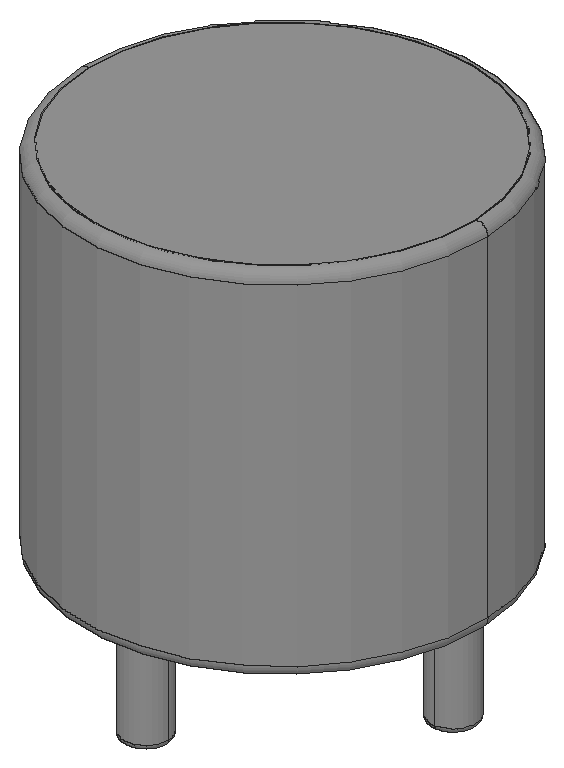
Revit family "980M Round Stool", category Generic Models, Revit 2018
Family settings
  Can host rebar = No
  Round Connector Dimension = Use Diameter
  Part Type = Normal
  Work Plane-Based = No
  Always vertical = Yes
  Cut with Voids When Loaded = No
  Shared = No
  Room Calculation Point = No
Parameters
  Fabric = 980M Fabric
Reference planes (in)
  plane 1 "Center (Front/Back)": y = 0
  plane 2: z = 0
  plane 3 "Center (Left/Right)": x = 0
Forms (in)
  Extrusion 1, solid, material "980M Fabric" <- "Fabric"
    sketch origin (0, 0, 0) x (1, 0, 0) y (0, 1, 0)
      loop
        circle (0, 0) r 8.5
    from 4 to 20
  Sweep 2, solid, material "980M Fabric" <- "Fabric"
    path origin (0, 0, 0) x (1, 0, 0) y (0, 1, 0)
      loop
        circle (0, 0) r 8.5
    profile origin (0, 8.5, 0) x (0, -1, 0) y (0, 0, 1)
      loop
        line (0, 4.00086) -> (0, 20)
        arc (0, 20) -> (-0.35325, 19.85368) -> (-0.49957, 19.50043) r 0.49957
        line (-0.49957, 19.50043) -> (-0.49957, 4.50043)
        arc (-0.49957, 4.50043) -> (-0.35325, 4.14718) -> (0, 4.00086) r 0.49957
  Revolve 3, solid, material "980L Legs"
    sketch origin (0, 7.5, 0) x (1, 0, 0) y (0, 0, 1)
      loop
        line (0, 4) -> (0, 0) -> (0.8, 0)
        arc (0.8, 0) -> (0.94142, 0.05858) -> (1, 0.2) r 0.2
        line (1, 0.2) -> (1, 4) -> (0, 4)
      axis (0, 0) -> (0, 4)
    angle from 0 to 360
  Revolve 4, solid, material "980L Legs"
    sketch origin (0, -7.5, 0) x (1, 0, 0) y (0, 0, -1)
      loop
        line (0, -4) -> (1, -4) -> (1, -0.2)
        arc (1, -0.2) -> (0.94142, -0.05858) -> (0.8, 0) r 0.2
        line (0.8, 0) -> (0, 0) -> (0, -4)
      axis (0, 0) -> (0, -4)
    angle from 0 to 360
  Revolve 5, solid, material "980L Legs"
    sketch origin (-7.5, 0, 0) x (0, 1, 0) y (0, 0, 1)
      loop
        line (0, 4) -> (0, 0) -> (0.8, 0)
        arc (0.8, 0) -> (0.94142, 0.05858) -> (1, 0.2) r 0.2
        line (1, 0.2) -> (1, 4) -> (0, 4)
      axis (0, 0) -> (0, 4)
    angle from 0 to 360
  Revolve 6, solid, material "980L Legs"
    sketch origin (7.5, 0, 0) x (0, 1, 0) y (0, 0, -1)
      loop
        line (0, -4) -> (1, -4) -> (1, -0.2)
        arc (1, -0.2) -> (0.94142, -0.05858) -> (0.8, 0) r 0.2
        line (0.8, 0) -> (0, 0) -> (0, -4)
      axis (0, 0) -> (0, -4)
    angle from 0 to 360
Dimensions and locks (in)
  aligned and locked: plane 2 to level
